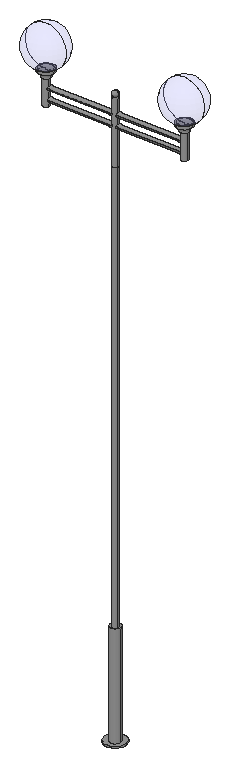
Revit family "Стальной фонарный столб Т-13-2 со светильниками Арт 6958", category Антураж, Revit 2018
Family settings
  На основе рабочей плоскости = Нет
  Всегда вертикально = Да
  При загрузке вырезать с полостями = Нет
  Источник визуального образа = Геометрия семейства
  Общий = Нет
  Точка расчета площади = Нет
Parameters (values of type "Версия 6,0 м")
  Ширина = 400 mm  # constant formula
  Цвет плафона = Стекло(1)
  Цвет опоры = Сталь
  Описание = if([Версия 3,5 м], "Стальной фонарный столб Т-13-2 со светильниками. Версия 3,5 м", if([Версия 4,0 м], "Стальной фонарный столб Т-13-2 со светильниками. Версия 4,0 м", if([Версия 4,5 м], "Стальной фонарный столб Т-13-2 со светильниками. Версия 4,5 м", if([Версия 5,0 м], "Стальной фонарный столб Т-13-2 со светильниками. Версия 5,0 м", if([Версия 5,5 м], "Стальной фонарный столб Т-13-2 со светильниками. Версия 5,5 м", "Стальной фонарный столб Т-13-2 со светильниками. Версия 6,0 м")))))  # "Стальной фонарный столб Т-13-2 со светильниками. Версия 6,0 м"
  Материал изделия = "Сталь, поликарбонат"  # constant formula
  Изображение типоразмера = Стальной фонарный столб Т-13-2 со светильниками Арт 6958.jpg
  Изготовитель = "ООО «Хоббика»"  # constant formula
  Группа модели = "Светильники со стальными опорами"  # constant formula
  Версия 6,0 м = yes
  Версия 5,5 м = no
  Версия 5,0 м = no
  Версия 4,5 м = no
  Версия 3,5 м = no
  Длина = 1740 mm  # constant formula
  Высота = if([Версия 3,5 м], 3500 mm, if([Версия 4,0 м], 4000 mm, if([Версия 4,5 м], 4500 mm, if([Версия 5,0 м], 5000 mm, if([Версия 5,5 м], 5500 mm, 6000 mm)))))  # 6000 mm
  Версия 4,0 м = no
  Артикул товара = "Арт. 6958"  # constant formula
  URL = "https://hobbyka.ru/product/stalnoy_fonarnyy_stolb_t132_so_svetilnikami/"
Types (7, lengths in mm): name | Описание | Версия 6,0 м | Версия 5,5 м | Версия 5,0 м | Версия 4,5 м | Версия 3,5 м | Высота | Версия 4,0 м
  (no name) | "Стальной фонарный столб Т-13-2 со светильниками. Версия 6,0 м" | yes | no | no | no | no | 6000 | no
  Версия 3,5 м | "Стальной фонарный столб Т-13-2 со светильниками. Версия 3,5 м" | no | no | no | no | yes | 3500 | no
  Версия 4,0 м | "Стальной фонарный столб Т-13-2 со светильниками. Версия 4,0 м" | no | no | no | no | no | 4000 | yes
  Версия 4,5 м | "Стальной фонарный столб Т-13-2 со светильниками. Версия 4,5 м" | no | no | no | yes | no | 4500 | no
  Версия 5,0 м | "Стальной фонарный столб Т-13-2 со светильниками. Версия 5,0 м" | no | no | yes | no | no | 5000 | no
  Версия 5,5 м | "Стальной фонарный столб Т-13-2 со светильниками. Версия 5,5 м" | no | yes | no | no | no | 5500 | no
  Версия 6,0 м | "Стальной фонарный столб Т-13-2 со светильниками. Версия 6,0 м" | yes | no | no | no | no | 6000 | no
Reference planes
  plane 1 "По центру (Вперед/Назад)": y = 0
  plane 2: z = 0
  plane 3 "По центру (Влево/Вправо)": x = 0
  plane 4: z = 5000
  plane 5: z = 1000
  plane 6: z = 6000
  plane 7: x = -870
  plane 8: x = 870
  plane 9: y = 200
  plane 10: y = -200
Forms (mm)
  Extrusion 1, solid, material "Сталь" <- "Цвет опоры"
    sketch origin (0, 0, 0) x (1, 0, 0) y (0, 1, 0)
      loop
        circle (0, 0) r 100
    from 0 to 10
  Extrusion 2, solid, material "Сталь" <- "Цвет опоры"
    sketch origin (0, 0, 0) x (1, 0, 0) y (0, 1, 0)
      loop
        circle (0, 0) r 50
    from 10 to 1000
  Extrusion 3, solid, material "Сталь" <- "Цвет опоры"
    sketch origin (0, 0, 0) x (1, 0, 0) y (0, 1, 0)
      loop
        circle (0, 0) r 25
    from 1000 to 5000
Dimensions and locks
  locked: plane 6 to plane 4 at 1000
  locked: plane 5 to level at 1000
  "Высота": plane 6 to plane 2
  equal spacing: plane 7, plane 3 "По центру (Влево/Вправо)", plane 8
  "Длина": plane 7 to plane 8
  equal spacing: plane 9, plane 1 "По центру (Вперед/Назад)", plane 10
  "Ширина": plane 9 to plane 10
  aligned and locked: level to plane 2
  aligned and locked: plane 4 to Extrusion 3
  aligned and locked: Extrusion 3 to plane 5
  aligned and locked: plane 5 to Extrusion 2
  aligned and locked: plane 6 to nested 1
  aligned and locked: plane 4 to nested 1
Automatic sketch dimensions
  plane 1 "По центру (Вперед/Назад)" to Extrusion 1 sketch curve = 0 mm
  Extrusion 1 sketch curve to plane 3 "По центру (Влево/Вправо)" = 0 mm
  plane 1 "По центру (Вперед/Назад)" to Extrusion 2 sketch curve = 0 mm
  Extrusion 2 sketch curve to plane 3 "По центру (Влево/Вправо)" = 0 mm
  plane 1 "По центру (Вперед/Назад)" to Extrusion 3 sketch curve = 0 mm
  Extrusion 3 sketch curve to plane 3 "По центру (Влево/Вправо)" = 0 mm
  radius of Extrusion 1 sketch curve = 100 mm
  radius of Extrusion 2 sketch curve = 50 mm
  radius of Extrusion 3 sketch curve = 25 mm
Nested families
  nested 1: "Стальной фонарный столб Т-13-2 со светильниками Верх" at (0, 0, 5000), type "Стальной фонарный столб Т-13-2 со светильниками Верх"
Definition of nested family "Стальной фонарный столб Т-13-2 со светильниками Верх"
  Parameters (values of type "Стальной фонарный столб Т-13-2 со светильниками Верх")
    Цвет столба = none
    Цвет плафона = none
    Длина = 1740 mm
    Height = 0 mm
  Reference planes
    plane 1 "По центру (Вперед/Назад)": y = 0
    plane 2: z = 0
    plane 3 "По центру (Влево/Вправо)": x = 0
    plane 4: x = -870
    plane 5: x = 870
    plane 6: z = 1000
  Forms (mm)
    Revolve 1, solid, material <- "Цвет столба"
      sketch origin (1, 0, -9.892) x (1, 0, 0) y (0, 0, 1)
        loop
          arc (-610.286, 620) -> (-640.499, 612.826) -> (-671.458, 610.415) r 200
          line (-671.458, 610.415) -> (-671.458, 300) -> (-641.458, 300) -> (-641.458, 550.258) -> (-630.01, 550.258)
          arc (-630.01, 550.258) -> (-622.903, 581.65) -> (-596.458, 600) r 44.416
          line (-596.458, 600) -> (-596.458, 620) -> (-610.286, 620)
        axis (-671.458, 620) -> (-671.458, 300)
      angle from 0 to 360
    Revolve 2, solid, material <- "Цвет столба"
      sketch origin (-1, 0, -9.892) x (-1, 0, 0) y (0, 0, 1)
        loop
          arc (-610.286, 620) -> (-640.499, 612.826) -> (-671.458, 610.415) r 200
          line (-671.458, 610.415) -> (-671.458, 300) -> (-641.458, 300) -> (-641.458, 550.258) -> (-630.01, 550.258)
          arc (-630.01, 550.258) -> (-622.903, 581.65) -> (-596.458, 600) r 44.416
          line (-596.458, 600) -> (-596.458, 620) -> (-610.286, 620)
        axis (-671.458, 620) -> (-671.458, 300)
      angle from 0 to 360
    Revolve 3, solid, material <- "Цвет столба"
      sketch origin (0, 0, 0) x (1, 0, 0) y (0, 0, 1)
        loop
          line (0, 650) -> (0, 600)
          arc (0, 600) -> (25, 625) -> (0, 650) r 25
        axis (0, 650) -> (0, 600)
      angle from 0 to 360
    Extrusion 4, solid, material <- "Цвет столба"
      sketch origin (0, 0, 0) x (1, 0, 0) y (0, 1, 0)
        loop
          circle (0, 0) r 25
      from 0 to 600
    Extrusion 5, solid, material <- "Цвет столба"
      sketch origin (0, 0, -4.725) x (0, 1, 0) y (0, 0, 1)
        loop
          circle (0, 454.725) r 20
      from -670 to 670
    Extrusion 6, solid, material <- "Цвет столба"
      sketch origin (0, 0, -104.725) x (0, 1, 0) y (0, 0, 1)
        loop
          circle (0, 454.725) r 20
      from -670 to 670
  Cuts and joins
    joined: Revolve 1, Revolve 2, Extrusion 4, Extrusion 5, Extrusion 6
  Lines and regions (mm)
    symbolic lines
      curve 1: line (-671.458, 0, 290.108) -> (-671.458, 0, 115.108)
  Dimensions and locks
    "Длина": plane 4 to plane 5
    equal spacing: plane 4, plane 3 "По центру (Влево/Вправо)", plane 5
    locked: plane 6 to level at 1000
    aligned and locked: level to plane 2
  Automatic sketch dimensions
    level to curve 1 = 115.108 mm
    plane 4 to curve 1 = 198.542 mm
    curve 1 to curve 1 = 175 mm
    plane 4 to Revolve 1 sketch curve = 199.542 mm
    Revolve 1 sketch curve to Revolve 1 sketch curve = 30 mm
    Revolve 1 sketch curve to Revolve 1 sketch curve = 11.448 mm
    Revolve 1 sketch curve to Revolve 1 sketch curve = 61.172 mm
    Revolve 1 sketch curve to Revolve 1 sketch curve = 13.828 mm
    Revolve 1 sketch curve to Revolve 1 sketch curve = 10.378 mm
    level to Revolve 1 sketch curve = 290.108 mm
    Revolve 1 sketch curve to Revolve 1 sketch curve = 250.258 mm
    Revolve 1 sketch curve to Revolve 1 sketch curve = 6.555 mm
    Revolve 1 sketch curve to Revolve 1 sketch curve = 60.158 mm
    Revolve 1 sketch curve to Revolve 1 sketch curve = 20 mm
    Revolve 1 sketch curve to Revolve 1 sketch curve = 0 mm  (x2)
    Revolve 1 sketch curve to Revolve 1 sketch curve = 3 mm
    plane 5 to Revolve 2 sketch curve = 199.542 mm
    Revolve 2 sketch curve to Revolve 2 sketch curve = 30 mm
    Revolve 2 sketch curve to Revolve 2 sketch curve = 11.448 mm
    Revolve 2 sketch curve to Revolve 2 sketch curve = 61.172 mm
    Revolve 2 sketch curve to Revolve 2 sketch curve = 13.828 mm
    Revolve 2 sketch curve to Revolve 2 sketch curve = 10.378 mm
    Revolve 2 sketch curve to level = 290.108 mm
    Revolve 2 sketch curve to Revolve 2 sketch curve = 250.258 mm
    Revolve 2 sketch curve to Revolve 2 sketch curve = 6.555 mm
    Revolve 2 sketch curve to Revolve 2 sketch curve = 60.158 mm
    Revolve 2 sketch curve to Revolve 2 sketch curve = 20 mm
    Revolve 2 sketch curve to Revolve 2 sketch curve = 0 mm  (x2)
    Revolve 2 sketch curve to Revolve 2 sketch curve = 3 mm
    Revolve 3 sketch curve to plane 3 "По центру (Влево/Вправо)" = 0 mm  (x2)
    level to Revolve 3 sketch curve = 600 mm
    Revolve 3 sketch curve to Revolve 3 sketch curve = 25 mm
    Revolve 3 sketch curve to Revolve 3 sketch curve = 8.095 mm
    Revolve 3 sketch curve to Revolve 3 sketch curve = 16.905 mm
    plane 1 "По центру (Вперед/Назад)" to Extrusion 4 sketch curve = 0 mm
    Extrusion 4 sketch curve to plane 3 "По центру (Влево/Вправо)" = 0 mm
    Extrusion 5 sketch curve to plane 1 "По центру (Вперед/Назад)" = 0 mm
    level to Extrusion 5 sketch curve = 450 mm
    Extrusion 6 sketch curve to plane 1 "По центру (Вперед/Назад)" = 0 mm
    level to Extrusion 6 sketch curve = 350 mm
    radius of Extrusion 4 sketch curve = 25 mm
    radius of Extrusion 5 sketch curve = 20 mm
    radius of Extrusion 6 sketch curve = 20 mm
  Nested families
    nested 1: "Стальной фонарный столб Т-13-2 со светильниками Плафон" at (-670, 0, 600), type "Стальной фонарный столб Т-13-2 со светильниками Плафон"
    nested 2: "Стальной фонарный столб Т-13-2 со светильниками Плафон" at (670, 0, 600), type "Стальной фонарный столб Т-13-2 со светильниками Плафон"
  Definition of nested family "Стальной фонарный столб Т-13-2 со светильниками Плафон"
    Parameters (values of type "Стальной фонарный столб Т-13-2 со светильниками Плафон")
      Цвет плафона = none
      Height = 0 mm
    Reference planes
      plane 1 "По центру (Вперед/Назад)": y = 0
      plane 2: z = 0
      plane 3 "По центру (Влево/Вправо)": x = 0
      plane 4: x = 200
      plane 5: x = -200
      plane 6: y = 200
      plane 7: y = -200
      plane 8: z = 400
    Forms (mm)
      Revolve 1, solid, material <- "Цвет плафона"
        sketch origin (0, 0, 0) x (1, 0, 0) y (0, 0, 1)
          loop
            arc (0, 0) -> (200, 200) -> (0, 400) r 200
            line (0, 400) -> (0, 0)
          axis (0, 0) -> (0, 400)
        angle from 0 to 360
    Dimensions and locks
      aligned and locked: level to plane 2
